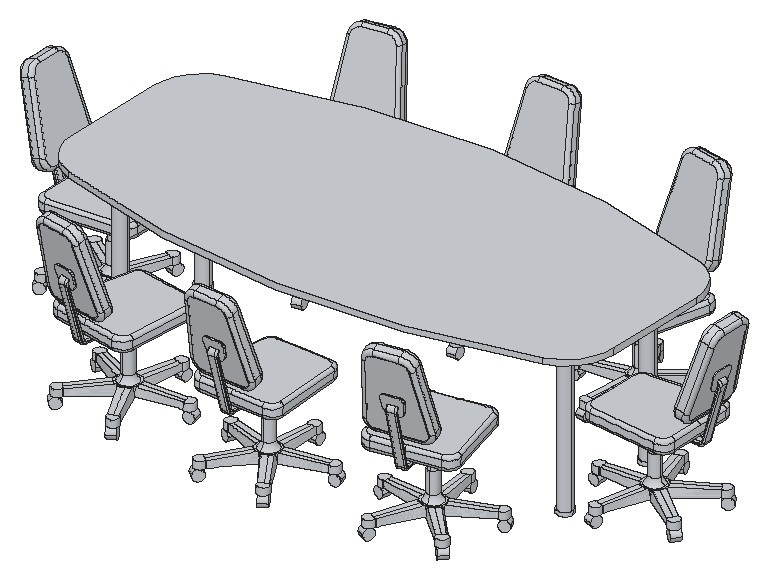
Revit family
Parameters (values of type "2400 x 1200")
  Tavolo = none
  Struttura Sedie = none
  Sedie = none
  Model = "Riunioni"
  Manufacturer = "Revit"
  Piedi = none
  Description = "Tavolo"
  Centro = none
  Assembly Code = ""
Reference planes
  plane 1: z = 0
  plane 2 "Center (Left/Right)": x = 0
  plane 3: y = -188.822
  plane 4: x = -984.721
  plane 5: x = 984.721
  plane 6: y = 39.653
  plane 7: y = -417.297
Forms (mm)
  Extrusion 1, solid, material <- "Tavolo"
    sketch origin (0, 0, 0) x (1, 0, 0) y (0, 1, 0)
      loop
        arc (1051.36, 244.359) -> (0, 411.178) -> (-1051.36, 244.359) r 3396.449
        arc (-1051.36, 244.359) -> (-1158.921, 166.143) -> (-1200, 39.653) r 215.279
        line (-1200, 39.653) -> (-1200, -417.297)
        arc (-1200, -417.297) -> (-1158.921, -543.786) -> (-1051.36, -622.002) r 215.279
        arc (-1051.36, -622.002) -> (0, -788.822) -> (1051.36, -622.002) r 3396.449
        arc (1051.36, -622.002) -> (1158.921, -543.786) -> (1200, -417.297) r 215.279
        line (1200, -417.297) -> (1200, 39.653)
        arc (1200, 39.653) -> (1158.921, 166.143) -> (1051.36, 244.359) r 215.279
    from 700 to 725
Lines and regions (mm)
  symbolic lines
    curve 1: arc (1051.36, 244.359, 0) -> (0, 411.178, 0) -> (-1051.36, 244.359, 0) r 3396.449
    curve 2: arc (-1051.36, 244.359, 0) -> (-1158.921, 166.143, 0) -> (-1200, 39.653, 0) r 215.279
    curve 3: line (-1200, 39.653, 0) -> (-1200, -417.297, 0)
    curve 4: arc (-1200, -417.297, 0) -> (-1158.921, -543.786, 0) -> (-1051.36, -622.002, 0) r 215.279
    curve 5: arc (-1051.36, -622.002, 0) -> (0, -788.822, 0) -> (1051.36, -622.002, 0) r 3396.449
    curve 6: arc (1051.36, -622.002, 0) -> (1158.921, -543.786, 0) -> (1200, -417.297, 0) r 215.279
    curve 7: line (1200, -417.297, 0) -> (1200, 39.653, 0)
    curve 8: arc (1200, 39.653, 0) -> (1158.921, 166.143, 0) -> (1051.36, 244.359, 0) r 215.279
    curve 9: line (0, -128.822, 0) -> (0, -248.822, 0)
    curve 10: line (-60, -188.822, 0) -> (60, -188.822, 0)
    curve 11: line (-891.526, 498.518, 0) -> (-842.048, 305.143, 0)
    curve 12: arc (-891.526, 498.518, 0) -> (-883.147, 535.858, 0) -> (-850.819, 556.336, 0) r 50
    curve 13: arc (-853.324, 580.123, 0) -> (-873.769, 568.273, 0) -> (-875.209, 544.685, 0) r 25
    curve 14: line (-877.244, 551.576, 0) -> (-889.006, 562.993, 0)
    curve 15: line (-861.438, 591.395, 0) -> (-889.006, 562.993, 0)
    curve 16: line (-861.438, 591.395, 0) -> (-854.033, 584.207, 0)
    curve 17: arc (-851.108, 567.364, 0) -> (-846.007, 556.526, 0) -> (-836.087, 549.81, 0) r 22.626
    curve 18: line (-854.92, 589.318, 0) -> (-851.108, 567.364, 0)
    curve 19: arc (-854.562, 607.11, 0) -> (-855.691, 598.233, 0) -> (-854.92, 589.318, 0) r 42.137
    curve 20: line (-835.302, 688.299, 0) -> (-854.562, 607.11, 0)
    curve 21: arc (-827.93, 698.769, 0) -> (-832.624, 694.244, 0) -> (-835.302, 688.299, 0) r 17.238
    curve 22: arc (-790.893, 713.321, 0) -> (-810.151, 707.926, 0) -> (-827.93, 698.769, 0) r 98.962
    curve 23: line (-734.851, 723.054, 0) -> (-790.893, 713.321, 0)
    curve 24: line (-734.851, 723.054, 0) -> (-678.809, 732.786, 0)
    curve 25: arc (-678.809, 732.786, 0) -> (-658.86, 734.2, 0) -> (-639.034, 731.574, 0) r 98.962
    curve 26: arc (-639.034, 731.574, 0) -> (-633.089, 728.896, 0) -> (-628.564, 724.202, 0) r 17.238
    curve 27: line (-628.564, 724.202, 0) -> (-583.058, 654.261, 0)
    curve 28: arc (-583.058, 654.261, 0) -> (-579.002, 646.285, 0) -> (-576.721, 637.631, 0) r 42.137
    curve 29: line (-576.721, 637.631, 0) -> (-572.909, 615.678, 0)
    curve 30: arc (-572.909, 615.678, 0) -> (-574.057, 603.754, 0) -> (-581.132, 594.087, 0) r 22.626
    curve 31: arc (-581.132, 594.087, 0) -> (-593.826, 586.372, 0) -> (-608.034, 582.035, 0) r 59.606
    curve 32: line (-608.034, 582.035, 0) -> (-707.365, 564.784, 0)
    curve 33: line (-806.696, 547.534, 0) -> (-707.365, 564.784, 0)
    curve 34: arc (-836.087, 549.81, 0) -> (-821.535, 546.827, 0) -> (-806.696, 547.534, 0) r 59.606
    curve 35: arc (-542.572, 602.453, 0) -> (-551.88, 624.174, 0) -> (-575.125, 628.437, 0) r 25
    curve 36: line (-535.756, 624.341, 0) -> (-571.286, 641.784, 0)
    curve 37: line (-575.834, 632.521, 0) -> (-571.286, 641.784, 0)
    curve 38: line (-535.756, 624.341, 0) -> (-542.98, 609.626, 0)
    curve 39: arc (-511.645, 564.491, 0) -> (-532.123, 596.819, 0) -> (-569.462, 605.198, 0) r 50
    curve 40: line (-511.645, 564.491, 0) -> (-495.545, 374.834, 0)
    curve 41: line (-196.596, 595.751, 0) -> (-175.115, 406.661, 0)
    curve 42: arc (-196.596, 595.751, 0) -> (-182.869, 631.473, 0) -> (-147.904, 647.026, 0) r 50
    curve 43: arc (-173.731, 639.05, 0) -> (-168.873, 662.177, 0) -> (-146.919, 670.925, 0) r 25
    curve 44: line (-184.716, 659.172, 0) -> (-174.741, 646.164, 0)
    curve 45: line (-184.716, 659.172, 0) -> (-153.306, 683.257, 0)
    curve 46: line (-147.026, 675.068, 0) -> (-153.306, 683.257, 0)
    curve 47: line (-105.534, 631.894, 0) -> (-4.749, 634.5, 0)
    curve 48: arc (-134.279, 638.425, 0) -> (-120.317, 633.355, 0) -> (-105.534, 631.894, 0) r 59.606
    curve 49: arc (-146.585, 657.979, 0) -> (-143.116, 646.513, 0) -> (-134.279, 638.425, 0) r 22.626
    curve 50: line (-147.161, 680.254, 0) -> (-146.585, 657.979, 0)
    curve 51: arc (-144.216, 697.804, 0) -> (-146.625, 689.186, 0) -> (-147.161, 680.254, 0) r 42.137
    curve 52: line (-113.341, 775.324, 0) -> (-144.216, 697.804, 0)
    curve 53: arc (-104.524, 784.609, 0) -> (-109.826, 780.816, 0) -> (-113.341, 775.324, 0) r 17.238
    curve 54: arc (-65.762, 793.615, 0) -> (-85.6, 791.08, 0) -> (-104.524, 784.609, 0) r 98.962
    curve 55: line (-8.901, 795.085, 0) -> (-65.762, 793.615, 0)
    curve 56: line (-8.901, 795.085, 0) -> (47.961, 796.555, 0)
    curve 57: arc (47.961, 796.555, 0) -> (67.904, 795.049, 0) -> (87.136, 789.564, 0) r 98.962
    curve 58: arc (87.136, 789.564, 0) -> (92.628, 786.05, 0) -> (96.421, 780.747, 0) r 17.238
    curve 59: line (96.421, 780.747, 0) -> (131.26, 704.926, 0)
    curve 60: arc (131.26, 704.926, 0) -> (134.112, 696.444, 0) -> (135.108, 687.551, 0) r 42.137
    curve 61: line (135.108, 687.551, 0) -> (135.684, 665.277, 0)
    curve 62: arc (135.684, 665.277, 0) -> (132.812, 653.647, 0) -> (124.406, 645.113, 0) r 22.626
    curve 63: arc (124.406, 645.113, 0) -> (110.723, 639.328, 0) -> (96.036, 637.105, 0) r 59.606
    curve 64: line (96.036, 637.105, 0) -> (-4.749, 634.5, 0)
    curve 65: arc (188.843, 605.715, 0) -> (173.29, 640.68, 0) -> (137.568, 654.407, 0) r 50
    curve 66: line (132.57, 654.277, 0) -> (137.568, 654.407, 0)
    curve 67: arc (135.349, 678.222, 0) -> (157.725, 670.62, 0) -> (163.772, 647.775, 0) r 25
    curve 68: line (141.09, 690.868, 0) -> (135.242, 682.365, 0)
    curve 69: line (141.09, 690.868, 0) -> (173.703, 668.438, 0)
    curve 70: line (164.413, 654.932, 0) -> (173.703, 668.438, 0)
    curve 71: line (188.843, 605.715, 0) -> (178.367, 406.492, 0)
    curve 72: line (-196.596, -973.394, 0) -> (-175.115, -784.304, 0)
    curve 73: arc (-196.596, -973.394, 0) -> (-182.869, -1009.116, 0) -> (-147.904, -1024.67, 0) r 50
    curve 74: arc (-173.731, -1016.693, 0) -> (-168.873, -1039.82, 0) -> (-146.919, -1048.568, 0) r 25
    curve 75: line (-184.716, -1036.816, 0) -> (-174.741, -1023.807, 0)
    curve 76: line (-184.716, -1036.816, 0) -> (-153.306, -1060.9, 0)
    curve 77: line (-147.026, -1052.711, 0) -> (-153.306, -1060.9, 0)
    curve 78: line (-105.534, -1009.538, 0) -> (-4.749, -1012.143, 0)
    curve 79: arc (-134.279, -1016.069, 0) -> (-120.317, -1010.998, 0) -> (-105.534, -1009.538, 0) r 59.606
    curve 80: arc (-146.585, -1035.623, 0) -> (-143.116, -1024.156, 0) -> (-134.279, -1016.069, 0) r 22.626
    curve 81: line (-147.161, -1057.897, 0) -> (-146.585, -1035.623, 0)
    curve 82: arc (-144.216, -1075.447, 0) -> (-146.625, -1066.829, 0) -> (-147.161, -1057.897, 0) r 42.137
    curve 83: line (-113.341, -1152.967, 0) -> (-144.216, -1075.447, 0)
    curve 84: arc (-104.524, -1162.252, 0) -> (-109.826, -1158.459, 0) -> (-113.341, -1152.967, 0) r 17.238
    curve 85: arc (-65.762, -1171.258, 0) -> (-85.6, -1168.724, 0) -> (-104.524, -1162.252, 0) r 98.962
    curve 86: line (-8.901, -1172.728, 0) -> (-65.762, -1171.258, 0)
    curve 87: line (-8.901, -1172.728, 0) -> (47.961, -1174.198, 0)
    curve 88: arc (47.961, -1174.198, 0) -> (67.904, -1172.692, 0) -> (87.136, -1167.207, 0) r 98.962
    curve 89: arc (87.136, -1167.207, 0) -> (92.628, -1163.693, 0) -> (96.421, -1158.39, 0) r 17.238
    curve 90: line (96.421, -1158.39, 0) -> (131.26, -1082.569, 0)
    curve 91: arc (131.26, -1082.569, 0) -> (134.112, -1074.087, 0) -> (135.108, -1065.194, 0) r 42.137
    curve 92: line (135.108, -1065.194, 0) -> (135.684, -1042.92, 0)
    curve 93: arc (135.684, -1042.92, 0) -> (132.812, -1031.29, 0) -> (124.406, -1022.756, 0) r 22.626
    curve 94: arc (124.406, -1022.756, 0) -> (110.723, -1016.971, 0) -> (96.036, -1014.749, 0) r 59.606
    curve 95: line (96.036, -1014.749, 0) -> (-4.749, -1012.143, 0)
    curve 96: arc (188.843, -983.359, 0) -> (173.29, -1018.324, 0) -> (137.568, -1032.05, 0) r 50
    curve 97: line (132.57, -1031.921, 0) -> (137.568, -1032.05, 0)
    curve 98: arc (135.349, -1055.865, 0) -> (157.725, -1048.264, 0) -> (163.772, -1025.419, 0) r 25
    curve 99: line (141.09, -1068.511, 0) -> (135.242, -1060.009, 0)
    curve 100: line (141.09, -1068.511, 0) -> (173.703, -1046.082, 0)
    curve 101: line (164.413, -1032.575, 0) -> (173.703, -1046.082, 0)
    curve 102: line (188.843, -983.359, 0) -> (178.367, -784.135, 0)
    curve 103: line (1386.891, -389.772, 0) -> (1197.801, -368.292, 0)
    curve 104: arc (1386.891, -389.772, 0) -> (1422.613, -376.046, 0) -> (1438.166, -341.081, 0) r 50
    curve 105: arc (1430.19, -366.907, 0) -> (1453.317, -362.049, 0) -> (1462.064, -340.096, 0) r 25
    curve 106: line (1450.312, -377.892, 0) -> (1437.303, -367.917, 0)
    curve 107: line (1450.312, -377.892, 0) -> (1474.397, -346.482, 0)
    curve 108: line (1466.208, -340.203, 0) -> (1474.397, -346.482, 0)
    curve 109: line (1423.034, -298.71, 0) -> (1425.64, -197.925, 0)
    curve 110: arc (1429.565, -327.456, 0) -> (1424.495, -313.493, 0) -> (1423.034, -298.71, 0) r 59.606
    curve 111: arc (1449.119, -339.761, 0) -> (1437.653, -336.292, 0) -> (1429.565, -327.456, 0) r 22.626
    curve 112: line (1471.393, -340.337, 0) -> (1449.119, -339.761, 0)
    curve 113: arc (1488.944, -337.392, 0) -> (1480.326, -339.801, 0) -> (1471.393, -340.337, 0) r 42.137
    curve 114: line (1566.464, -306.517, 0) -> (1488.944, -337.392, 0)
    curve 115: arc (1575.749, -297.7, 0) -> (1571.955, -303.003, 0) -> (1566.464, -306.517, 0) r 17.238
    curve 116: arc (1584.754, -258.939, 0) -> (1582.22, -278.777, 0) -> (1575.749, -297.7, 0) r 98.962
    curve 117: line (1586.224, -202.077, 0) -> (1584.754, -258.939, 0)
    curve 118: line (1586.224, -202.077, 0) -> (1587.695, -145.215, 0)
    curve 119: arc (1587.695, -145.215, 0) -> (1586.189, -125.273, 0) -> (1580.704, -106.04, 0) r 98.962
    curve 120: arc (1580.704, -106.04, 0) -> (1577.189, -100.549, 0) -> (1571.887, -96.755, 0) r 17.238
    curve 121: line (1571.887, -96.755, 0) -> (1496.066, -61.916, 0)
    curve 122: arc (1496.066, -61.916, 0) -> (1487.584, -59.064, 0) -> (1478.691, -58.068, 0) r 42.137
    curve 123: line (1478.691, -58.068, 0) -> (1456.416, -57.492, 0)
    curve 124: arc (1456.416, -57.492, 0) -> (1444.787, -60.364, 0) -> (1436.253, -68.771, 0) r 22.626
    curve 125: arc (1436.253, -68.771, 0) -> (1430.467, -82.453, 0) -> (1428.245, -97.141, 0) r 59.606
    curve 126: line (1428.245, -97.141, 0) -> (1425.64, -197.925, 0)
    curve 127: arc (1396.855, -4.333, 0) -> (1431.82, -19.886, 0) -> (1445.546, -55.608, 0) r 50
    curve 128: line (1445.417, -60.607, 0) -> (1445.546, -55.608, 0)
    curve 129: arc (1469.362, -57.827, 0) -> (1461.76, -35.451, 0) -> (1438.915, -29.404, 0) r 25
    curve 130: line (1482.008, -52.086, 0) -> (1473.505, -57.934, 0)
    curve 131: line (1482.008, -52.086, 0) -> (1459.578, -19.474, 0)
    curve 132: line (1446.071, -28.763, 0) -> (1459.578, -19.474, 0)
    curve 133: line (1396.855, -4.333, 0) -> (1197.631, -14.81, 0)
    curve 134: line (-1386.891, -389.772, 0) -> (-1197.801, -368.292, 0)
    curve 135: arc (-1386.891, -389.772, 0) -> (-1422.613, -376.046, 0) -> (-1438.166, -341.081, 0) r 50
    curve 136: arc (-1430.19, -366.907, 0) -> (-1453.317, -362.049, 0) -> (-1462.064, -340.096, 0) r 25
    curve 137: line (-1450.312, -377.892, 0) -> (-1437.303, -367.917, 0)
    curve 138: line (-1450.312, -377.892, 0) -> (-1474.397, -346.482, 0)
    curve 139: line (-1466.208, -340.203, 0) -> (-1474.397, -346.482, 0)
    curve 140: line (-1423.034, -298.71, 0) -> (-1425.64, -197.925, 0)
    curve 141: arc (-1429.565, -327.456, 0) -> (-1424.495, -313.493, 0) -> (-1423.034, -298.71, 0) r 59.606
    curve 142: arc (-1449.119, -339.761, 0) -> (-1437.653, -336.292, 0) -> (-1429.565, -327.456, 0) r 22.626
    curve 143: line (-1471.393, -340.337, 0) -> (-1449.119, -339.761, 0)
    curve 144: arc (-1488.944, -337.392, 0) -> (-1480.326, -339.801, 0) -> (-1471.393, -340.337, 0) r 42.137
    curve 145: line (-1566.464, -306.517, 0) -> (-1488.944, -337.392, 0)
    curve 146: arc (-1575.749, -297.7, 0) -> (-1571.955, -303.003, 0) -> (-1566.464, -306.517, 0) r 17.238
    curve 147: arc (-1584.754, -258.939, 0) -> (-1582.22, -278.777, 0) -> (-1575.749, -297.7, 0) r 98.962
    curve 148: line (-1586.224, -202.077, 0) -> (-1584.754, -258.939, 0)
    curve 149: line (-1586.224, -202.077, 0) -> (-1587.695, -145.215, 0)
    curve 150: arc (-1587.695, -145.215, 0) -> (-1586.189, -125.273, 0) -> (-1580.704, -106.04, 0) r 98.962
    curve 151: arc (-1580.704, -106.04, 0) -> (-1577.189, -100.549, 0) -> (-1571.887, -96.755, 0) r 17.238
    curve 152: line (-1571.887, -96.755, 0) -> (-1496.066, -61.916, 0)
    curve 153: arc (-1496.066, -61.916, 0) -> (-1487.584, -59.064, 0) -> (-1478.691, -58.068, 0) r 42.137
    curve 154: line (-1478.691, -58.068, 0) -> (-1456.416, -57.492, 0)
    curve 155: arc (-1456.416, -57.492, 0) -> (-1444.787, -60.364, 0) -> (-1436.253, -68.771, 0) r 22.626
    curve 156: arc (-1436.253, -68.771, 0) -> (-1430.467, -82.453, 0) -> (-1428.245, -97.141, 0) r 59.606
    curve 157: line (-1428.245, -97.141, 0) -> (-1425.64, -197.925, 0)
    curve 158: arc (-1396.855, -4.333, 0) -> (-1431.82, -19.886, 0) -> (-1445.546, -55.608, 0) r 50
    curve 159: line (-1445.417, -60.607, 0) -> (-1445.546, -55.608, 0)
    curve 160: arc (-1469.362, -57.827, 0) -> (-1461.76, -35.451, 0) -> (-1438.915, -29.404, 0) r 25
    curve 161: line (-1482.008, -52.086, 0) -> (-1473.505, -57.934, 0)
    curve 162: line (-1482.008, -52.086, 0) -> (-1459.578, -19.474, 0)
    curve 163: line (-1446.071, -28.763, 0) -> (-1459.578, -19.474, 0)
    curve 164: line (-1396.855, -4.333, 0) -> (-1197.631, -14.81, 0)
    curve 165: line (891.526, 498.518, 0) -> (842.048, 305.143, 0)
    curve 166: arc (891.526, 498.518, 0) -> (883.147, 535.858, 0) -> (850.819, 556.336, 0) r 50
    curve 167: arc (853.324, 580.123, 0) -> (873.769, 568.273, 0) -> (875.209, 544.685, 0) r 25
    curve 168: line (877.244, 551.576, 0) -> (889.006, 562.993, 0)
    curve 169: line (861.438, 591.395, 0) -> (889.006, 562.993, 0)
    curve 170: line (861.438, 591.395, 0) -> (854.033, 584.207, 0)
    curve 171: arc (851.108, 567.364, 0) -> (846.007, 556.526, 0) -> (836.087, 549.81, 0) r 22.626
    curve 172: line (854.92, 589.318, 0) -> (851.108, 567.364, 0)
    curve 173: arc (854.562, 607.11, 0) -> (855.691, 598.233, 0) -> (854.92, 589.318, 0) r 42.137
    curve 174: line (835.302, 688.299, 0) -> (854.562, 607.11, 0)
    curve 175: arc (827.93, 698.769, 0) -> (832.624, 694.244, 0) -> (835.302, 688.299, 0) r 17.238
    curve 176: arc (790.893, 713.321, 0) -> (810.151, 707.926, 0) -> (827.93, 698.769, 0) r 98.962
    curve 177: line (734.851, 723.054, 0) -> (790.893, 713.321, 0)
    curve 178: line (734.851, 723.054, 0) -> (678.809, 732.786, 0)
    curve 179: arc (678.809, 732.786, 0) -> (658.86, 734.2, 0) -> (639.034, 731.574, 0) r 98.962
    curve 180: arc (639.034, 731.574, 0) -> (633.089, 728.896, 0) -> (628.564, 724.202, 0) r 17.238
    curve 181: line (628.564, 724.202, 0) -> (583.058, 654.261, 0)
    curve 182: arc (583.058, 654.261, 0) -> (579.002, 646.285, 0) -> (576.721, 637.631, 0) r 42.137
    curve 183: line (576.721, 637.631, 0) -> (572.909, 615.678, 0)
    curve 184: arc (572.909, 615.678, 0) -> (574.057, 603.754, 0) -> (581.132, 594.087, 0) r 22.626
    curve 185: arc (581.132, 594.087, 0) -> (593.826, 586.372, 0) -> (608.034, 582.035, 0) r 59.606
    curve 186: line (608.034, 582.035, 0) -> (707.365, 564.784, 0)
    curve 187: line (806.696, 547.534, 0) -> (707.365, 564.784, 0)
    curve 188: arc (836.087, 549.81, 0) -> (821.535, 546.827, 0) -> (806.696, 547.534, 0) r 59.606
    curve 189: arc (542.572, 602.453, 0) -> (551.88, 624.174, 0) -> (575.125, 628.437, 0) r 25
    curve 190: line (535.756, 624.341, 0) -> (571.286, 641.784, 0)
    curve 191: line (575.834, 632.521, 0) -> (571.286, 641.784, 0)
    curve 192: line (535.756, 624.341, 0) -> (542.98, 609.626, 0)
    curve 193: arc (511.645, 564.491, 0) -> (532.123, 596.819, 0) -> (569.462, 605.198, 0) r 50
    curve 194: line (511.645, 564.491, 0) -> (495.545, 374.834, 0)
    curve 195: line (-891.526, -876.162, 0) -> (-842.048, -682.786, 0)
    curve 196: arc (-891.526, -876.162, 0) -> (-883.147, -913.501, 0) -> (-850.819, -933.979, 0) r 50
    curve 197: arc (-853.324, -957.766, 0) -> (-873.769, -945.916, 0) -> (-875.209, -922.328, 0) r 25
    curve 198: line (-877.244, -929.219, 0) -> (-889.006, -940.637, 0)
    curve 199: line (-861.438, -969.038, 0) -> (-889.006, -940.637, 0)
    curve 200: line (-861.438, -969.038, 0) -> (-854.033, -961.85, 0)
    curve 201: arc (-851.108, -945.008, 0) -> (-846.007, -934.169, 0) -> (-836.087, -927.454, 0) r 22.626
    curve 202: line (-854.92, -966.961, 0) -> (-851.108, -945.008, 0)
    curve 203: arc (-854.562, -984.753, 0) -> (-855.691, -975.876, 0) -> (-854.92, -966.961, 0) r 42.137
    curve 204: line (-835.302, -1065.942, 0) -> (-854.562, -984.753, 0)
    curve 205: arc (-827.93, -1076.412, 0) -> (-832.624, -1071.887, 0) -> (-835.302, -1065.942, 0) r 17.238
    curve 206: arc (-790.893, -1090.965, 0) -> (-810.151, -1085.569, 0) -> (-827.93, -1076.412, 0) r 98.962
    curve 207: line (-734.851, -1100.697, 0) -> (-790.893, -1090.965, 0)
    curve 208: line (-734.851, -1100.697, 0) -> (-678.809, -1110.43, 0)
    curve 209: arc (-678.809, -1110.43, 0) -> (-658.86, -1111.843, 0) -> (-639.034, -1109.217, 0) r 98.962
    curve 210: arc (-639.034, -1109.217, 0) -> (-633.089, -1106.539, 0) -> (-628.564, -1101.845, 0) r 17.238
    curve 211: line (-628.564, -1101.845, 0) -> (-583.058, -1031.904, 0)
    curve 212: arc (-583.058, -1031.904, 0) -> (-579.002, -1023.928, 0) -> (-576.721, -1015.275, 0) r 42.137
    curve 213: line (-576.721, -1015.275, 0) -> (-572.909, -993.321, 0)
    curve 214: arc (-572.909, -993.321, 0) -> (-574.057, -981.397, 0) -> (-581.132, -971.731, 0) r 22.626
    curve 215: arc (-581.132, -971.731, 0) -> (-593.826, -964.015, 0) -> (-608.034, -959.678, 0) r 59.606
    curve 216: line (-608.034, -959.678, 0) -> (-707.365, -942.428, 0)
    curve 217: line (-806.696, -925.177, 0) -> (-707.365, -942.428, 0)
    curve 218: arc (-836.087, -927.454, 0) -> (-821.535, -924.47, 0) -> (-806.696, -925.177, 0) r 59.606
    curve 219: arc (-542.572, -980.096, 0) -> (-551.88, -1001.817, 0) -> (-575.125, -1006.08, 0) r 25
    curve 220: line (-535.756, -1001.984, 0) -> (-571.286, -1019.427, 0)
    curve 221: line (-575.834, -1010.164, 0) -> (-571.286, -1019.427, 0)
    curve 222: line (-535.756, -1001.984, 0) -> (-542.98, -987.269, 0)
    curve 223: arc (-511.645, -942.134, 0) -> (-532.123, -974.462, 0) -> (-569.462, -982.841, 0) r 50
    curve 224: line (-511.645, -942.134, 0) -> (-495.545, -752.477, 0)
    curve 225: line (891.526, -876.162, 0) -> (842.048, -682.786, 0)
    curve 226: arc (891.526, -876.162, 0) -> (883.147, -913.501, 0) -> (850.819, -933.979, 0) r 50
    curve 227: arc (853.324, -957.766, 0) -> (873.769, -945.916, 0) -> (875.209, -922.328, 0) r 25
    curve 228: line (877.244, -929.219, 0) -> (889.006, -940.637, 0)
    curve 229: line (861.438, -969.038, 0) -> (889.006, -940.637, 0)
    curve 230: line (861.438, -969.038, 0) -> (854.033, -961.85, 0)
    curve 231: arc (851.108, -945.008, 0) -> (846.007, -934.169, 0) -> (836.087, -927.454, 0) r 22.626
    curve 232: line (854.92, -966.961, 0) -> (851.108, -945.008, 0)
    curve 233: arc (854.562, -984.753, 0) -> (855.691, -975.876, 0) -> (854.92, -966.961, 0) r 42.137
    curve 234: line (835.302, -1065.942, 0) -> (854.562, -984.753, 0)
    curve 235: arc (827.93, -1076.412, 0) -> (832.624, -1071.887, 0) -> (835.302, -1065.942, 0) r 17.238
    curve 236: arc (790.893, -1090.965, 0) -> (810.151, -1085.569, 0) -> (827.93, -1076.412, 0) r 98.962
    curve 237: line (734.851, -1100.697, 0) -> (790.893, -1090.965, 0)
    curve 238: line (734.851, -1100.697, 0) -> (678.809, -1110.43, 0)
    curve 239: arc (678.809, -1110.43, 0) -> (658.86, -1111.843, 0) -> (639.034, -1109.217, 0) r 98.962
    curve 240: arc (639.034, -1109.217, 0) -> (633.089, -1106.539, 0) -> (628.564, -1101.845, 0) r 17.238
    curve 241: line (628.564, -1101.845, 0) -> (583.058, -1031.904, 0)
    curve 242: arc (583.058, -1031.904, 0) -> (579.002, -1023.928, 0) -> (576.721, -1015.275, 0) r 42.137
    curve 243: line (576.721, -1015.275, 0) -> (572.909, -993.321, 0)
    curve 244: arc (572.909, -993.321, 0) -> (574.057, -981.397, 0) -> (581.132, -971.731, 0) r 22.626
    curve 245: arc (581.132, -971.731, 0) -> (593.826, -964.015, 0) -> (608.034, -959.678, 0) r 59.606
    curve 246: line (608.034, -959.678, 0) -> (707.365, -942.428, 0)
    curve 247: line (806.696, -925.177, 0) -> (707.365, -942.428, 0)
    curve 248: arc (836.087, -927.454, 0) -> (821.535, -924.47, 0) -> (806.696, -925.177, 0) r 59.606
    curve 249: arc (542.572, -980.096, 0) -> (551.88, -1001.817, 0) -> (575.125, -1006.08, 0) r 25
    curve 250: line (535.756, -1001.984, 0) -> (571.286, -1019.427, 0)
    curve 251: line (575.834, -1010.164, 0) -> (571.286, -1019.427, 0)
    curve 252: line (535.756, -1001.984, 0) -> (542.98, -987.269, 0)
    curve 253: arc (511.645, -942.134, 0) -> (532.123, -974.462, 0) -> (569.462, -982.841, 0) r 50
    curve 254: line (511.645, -942.134, 0) -> (495.545, -752.477, 0)
Dimensions and locks
  aligned and locked: Extrusion 1 to nested 1
Nested families
  nested 1: "Leg" at (-984.721, -417.297, 0), type "Height 700mm"
  nested 2: "Leg" at (-984.721, 39.653, 0), type "Height 700mm"
  nested 3: "Leg" at (984.721, -417.297, 0) x (-1, 0, 0) z (0, 0, 1), type "Height 700mm"
  nested 4: "Leg" at (984.721, 39.653, 0) x (-1, 0, 0) z (0, 0, 1), type "Height 700mm"
  nested 5: "M_Sedia con Rotelle" at (0, 450.803, 0) x (-0.9997, -0.0258, 0) z (0, 0, 1), type "400 x 500mm"
  nested 6: "M_Sedia con Rotelle" at (0, -828.447, 0) x (-0.9997, 0.0258, 0) z (0, 0, 1), type "400 x 500mm"
  nested 7: "M_Sedia con Rotelle" at (-675.923, 383.737, 0) x (0.9853, 0.1711, 0) z (0, 0, 1), type "400 x 500mm"
  nested 8: "M_Sedia con Rotelle" at (-1200, -188.822, 0) x (0, -1, 0) z (0, 0, 1), type "400 x 500mm"
  nested 9: "M_Sedia con Rotelle" at (1200, -188.822, 0) x (0, -1, 0) z (0, 0, 1), type "400 x 500mm"
  nested 10: "M_Sedia con Rotelle" at (675.923, 383.737, 0) x (-0.9853, 0.1711, 0) z (0, 0, 1), type "400 x 500mm"
  nested 11: "M_Sedia con Rotelle" at (-675.923, -761.38, 0) x (0.9853, -0.1711, 0) z (0, 0, 1), type "400 x 500mm"
  nested 12: "M_Sedia con Rotelle" at (675.923, -761.38, 0) x (-0.9853, -0.1711, 0) z (0, 0, 1), type "400 x 500mm"
Definition of nested family "Leg"
  Parameters (values of type "Height 700mm")
    Model = "Abacus"
    Manufacturer = "LM"
    Leg Material = none
    Description = "Table Leg"
    Assembly Code = "E2020200"
  Reference planes
    plane 1 "Center (Front/Back)": y = 0
    plane 2: z = 0
    plane 3 "Center (Left/Right)": x = 0
  Forms (mm)
    Revolve 1, solid, material <- "Leg Material"
      sketch origin (0, 0, 0) x (1, 0, 0) y (0, 0, 1)
        loop
          line (0, 15) -> (0, 700) -> (-43, 700) -> (-33, 650) -> (-30, 650) -> (-30, 15) -> (0, 15)
        axis (0, 15) -> (0, 700)
      angle from 0 to 360
    Extrusion 2, solid, material <- "Leg Material"
      sketch origin (0, 0, 0) x (1, 0, 0) y (0, 1, 0)
        loop
          circle (0, 0) r 35
      from 0 to 15
  Dimensions and locks
    aligned and locked: plane 3 "Center (Left/Right)" to Revolve 1 sketch curve
    aligned and locked: Revolve 1 to Extrusion 2
Definition of nested family "M_Sedia con Rotelle"
  Parameters (values of type "400 x 500mm")
    Struttura = none
    Seduta = Default
    Manufacturer = "Revit"
    Assembly Code = "E2020200"
  Reference planes
    plane 1 "Center (Front/Back)": y = 0
    plane 2: z = 0
    plane 3 "Center (Left/Right)": x = 0
    plane 4: z = 440
    plane 5: z = 340
    plane 6: z = 900
    plane 7: z = 90.965
    plane 8: z = 215.482
    plane 9: y = 45
    plane 10: y = 229.751
    plane 11: y = 233.825
    plane 12: through (-42.798, 13.906, 0) normal (0.9511, -0.309, 0)
    plane 13: through (-218.507, 70.997, 0) normal (0.9511, -0.309, 0)
    plane 14: through (-222.38, 72.256, -9.035) normal (0.9511, -0.309, 0)
    plane 15: through (-26.45, -36.406, 0) normal (0.5878, 0.809, 0)
    plane 16: through (-135.044, -185.873, 0) normal (0.5878, 0.809, 0)
    plane 17: through (-137.439, -189.168, -9.035) normal (0.5878, 0.809, 0)
    plane 18: through (26.45, -36.406, 0) normal (-0.5878, 0.809, 0)
    plane 19: through (135.044, -185.873, 0) normal (-0.5878, 0.809, 0)
    plane 20: through (137.439, -189.168, -9.035) normal (-0.5878, 0.809, 0)
    plane 21: through (42.798, 13.906, 0) normal (-0.9511, -0.309, 0)
    plane 22: through (218.507, 70.997, 0) normal (-0.9511, -0.309, 0)
    plane 23: through (222.38, 72.256, -9.035) normal (-0.9511, -0.309, 0)
    plane 24: x = -206.705
    plane 25 "t": through (-100.914, 0, -28.937) normal (0.9613, 0, 0.2756)
    plane 26: through (-266.368, 0, 928.937) normal (0.2756, 0, -0.9613)
    plane 27: through (-134.465, 0, 468.937) normal (0.2756, 0, -0.9613)
  Forms (mm)
    Extrusion 1, solid, material <- "Struttura"
      sketch origin (0, -234.191, 0) x (0, 1, 0) y (0, 0, 1)
        loop
          circle (488.942, 23) r 23
      from -19.791 to 19.791
    Blend 2, solid, material <- "Struttura"
      base sketch origin (0, 100, -9.035) x (1, 0, 0) y (0, 0, -1)
        loop
          line (-32.382, -59.019) -> (-25.156, -100) -> (0, -100) -> (25.156, -100) -> (32.382, -59.019) -> (0, -59.019) -> (-32.382, -59.019)
      top sketch origin (0, 100, -9.035) x (1, 0, 0) y (0, 0, -1)
        loop
          line (-19.791, -59.019) -> (-19.791, -88.563) -> (0, -88.563) -> (19.791, -88.563) -> (19.791, -59.019) -> (0, -59.019) -> (-19.791, -59.019)
      from -65 to 129.751
    Extrusion 3, solid, material <- "Struttura"
      sketch origin (0, 0, 330.965) x (0, -1, 0) y (-1, 0, 0)
        loop
          line (-50, 19.35) -> (-50, -19.35)
          arc (-50, -19.35) -> (-41.259, -29.976) -> (-33.854, -41.573) r 114.698
          line (-33.854, -41.573) -> (2.952, -53.532)
          arc (2.952, -53.532) -> (15.76, -48.503) -> (29.077, -45.044) r 114.698
          line (29.077, -45.044) -> (51.824, -13.735)
          arc (51.824, -13.735) -> (50.999, 0) -> (51.824, 13.735) r 114.698
          line (51.824, 13.735) -> (29.077, 45.044)
          arc (29.077, 45.044) -> (15.76, 48.503) -> (2.952, 53.532) r 114.698
          line (2.952, 53.532) -> (-33.854, 41.573)
          arc (-33.854, 41.573) -> (-41.259, 29.976) -> (-50, 19.35) r 114.698
      from 240 to 280.981
    Extrusion 4, solid, material <- "Struttura"
      sketch origin (0, -235.927, 330.965) x (0, -1, 0) y (-1, 0, 0)
        loop
          arc (-469.751, 21.788) -> (-507.01, 0) -> (-469.751, -21.788) r 25
          line (-469.751, -21.788) -> (-469.751, -19.791) -> (-465.678, -19.791) -> (-465.678, 19.791) -> (-469.751, 19.791) -> (-469.751, 21.788)
      from 251.437 to 280.981
    Revolve 5, solid, material <- "Struttura"
      sketch origin (0, 0, 0) x (0, 1, 0) y (0, 0, 1)
        loop
          line (0, 215.482) -> (-25, 215.482) -> (-25, 123.395)
          arc (-25, 123.395) -> (-30.374, 105.761) -> (-41.37, 90.965) r 53.967
          line (-41.37, 90.965) -> (0, 90.965) -> (0, 215.482)
        axis (0, 215.482) -> (0, 90.965)
      angle from 0 to 360
    Extrusion 6, solid, material <- "Struttura"
      sketch origin (222.729, -72.369, 0) x (-0.951057, 0.309017, 0) y (0, 0, 1)
        loop
          circle (488.942, 23) r 23
      from -19.791 to 19.791
    Blend 7, solid, material <- "Struttura"
      base sketch origin (-95.106, 30.902, -9.035) x (0.309017, 0.951057, 0) y (0, 0, -1)
        loop
          line (-32.382, -59.019) -> (-25.156, -100) -> (0, -100) -> (25.156, -100) -> (32.382, -59.019) -> (0, -59.019) -> (-32.382, -59.019)
      top sketch origin (-95.106, 30.902, -9.035) x (0.309017, 0.951057, 0) y (0, 0, -1)
        loop
          line (-19.791, -59.019) -> (-19.791, -88.563) -> (0, -88.563) -> (19.791, -88.563) -> (19.791, -59.019) -> (0, -59.019) -> (-19.791, -59.019)
      from -65 to 129.751
    Extrusion 8, solid, material <- "Struttura"
      sketch origin (224.38, -72.905, 330.965) x (0.951057, -0.309017, 0) y (-0.309017, -0.951057, 0)
        loop
          arc (-469.751, 21.788) -> (-507.01, 0) -> (-469.751, -21.788) r 25
          line (-469.751, -21.788) -> (-469.751, -19.791) -> (-465.678, -19.791) -> (-465.678, 19.791) -> (-469.751, 19.791) -> (-469.751, 21.788)
      from 251.437 to 280.981
    Extrusion 9, solid, material <- "Struttura"
      sketch origin (137.654, 189.465, 0) x (-0.587785, -0.809017, 0) y (0, 0, 1)
        loop
          circle (488.942, 23) r 23
      from -19.791 to 19.791
    Blend 10, solid, material <- "Struttura"
      base sketch origin (-58.779, -80.902, -9.035) x (-0.809017, 0.587785, 0) y (0, 0, -1)
        loop
          line (-32.382, -59.019) -> (-25.156, -100) -> (0, -100) -> (25.156, -100) -> (32.382, -59.019) -> (0, -59.019) -> (-32.382, -59.019)
      top sketch origin (-58.779, -80.902, -9.035) x (-0.809017, 0.587785, 0) y (0, 0, -1)
        loop
          line (-19.791, -59.019) -> (-19.791, -88.563) -> (0, -88.563) -> (19.791, -88.563) -> (19.791, -59.019) -> (0, -59.019) -> (-19.791, -59.019)
      from -65 to 129.751
    Extrusion 11, solid, material <- "Struttura"
      sketch origin (138.674, 190.869, 330.965) x (0.587785, 0.809017, 0) y (0.809017, -0.587785, 0)
        loop
          arc (-469.751, 21.788) -> (-507.01, 0) -> (-469.751, -21.788) r 25
          line (-469.751, -21.788) -> (-469.751, -19.791) -> (-465.678, -19.791) -> (-465.678, 19.791) -> (-469.751, 19.791) -> (-469.751, 21.788)
      from 251.437 to 280.981
    Extrusion 12, solid, material <- "Struttura"
      sketch origin (-137.654, 189.465, 0) x (0.587785, -0.809017, 0) y (0, 0, 1)
        loop
          circle (488.942, 23) r 23
      from -19.791 to 19.791
    Blend 13, solid, material <- "Struttura"
      base sketch origin (58.779, -80.902, -9.035) x (-0.809017, -0.587785, 0) y (0, 0, -1)
        loop
          line (-32.382, -59.019) -> (-25.156, -100) -> (0, -100) -> (25.156, -100) -> (32.382, -59.019) -> (0, -59.019) -> (-32.382, -59.019)
      top sketch origin (58.779, -80.902, -9.035) x (-0.809017, -0.587785, 0) y (0, 0, -1)
        loop
          line (-19.791, -59.019) -> (-19.791, -88.563) -> (0, -88.563) -> (19.791, -88.563) -> (19.791, -59.019) -> (0, -59.019) -> (-19.791, -59.019)
      from -65 to 129.751
    Extrusion 14, solid, material <- "Struttura"
      sketch origin (-138.674, 190.869, 330.965) x (-0.587785, 0.809017, 0) y (0.809017, 0.587785, 0)
        loop
          arc (-469.751, 21.788) -> (-507.01, 0) -> (-469.751, -21.788) r 25
          line (-469.751, -21.788) -> (-469.751, -19.791) -> (-465.678, -19.791) -> (-465.678, 19.791) -> (-469.751, 19.791) -> (-469.751, 21.788)
      from 251.437 to 280.981
    Extrusion 15, solid, material <- "Struttura"
      sketch origin (-222.729, -72.369, 0) x (0.951057, 0.309017, 0) y (0, 0, 1)
        loop
          circle (488.942, 23) r 23
      from -19.791 to 19.791
    Blend 16, solid, material <- "Struttura"
      base sketch origin (95.106, 30.902, -9.035) x (0.309017, -0.951057, 0) y (0, 0, -1)
        loop
          line (-32.382, -59.019) -> (-25.156, -100) -> (0, -100) -> (25.156, -100) -> (32.382, -59.019) -> (0, -59.019) -> (-32.382, -59.019)
      top sketch origin (95.106, 30.902, -9.035) x (0.309017, -0.951057, 0) y (0, 0, -1)
        loop
          line (-19.791, -59.019) -> (-19.791, -88.563) -> (0, -88.563) -> (19.791, -88.563) -> (19.791, -59.019) -> (0, -59.019) -> (-19.791, -59.019)
      from -65 to 129.751
    Extrusion 17, solid, material <- "Struttura"
      sketch origin (-224.38, -72.905, 330.965) x (-0.951057, -0.309017, 0) y (-0.309017, 0.951057, 0)
        loop
          arc (-469.751, 21.788) -> (-507.01, 0) -> (-469.751, -21.788) r 25
          line (-469.751, -21.788) -> (-469.751, -19.791) -> (-465.678, -19.791) -> (-465.678, 19.791) -> (-469.751, 19.791) -> (-469.751, 21.788)
      from 251.437 to 280.981
    Revolve 18, solid
      sketch origin (0, 0, 0) x (0, 1, 0) y (0, 0, 1)
        loop
          line (-20, 215.482) -> (0, 215.482) -> (0, 340) -> (-40, 340) -> (-139.897, 340) -> (-139.897, 320.648) -> (-30.5, 309.15)
          arc (-30.5, 309.15) -> (-22.928, 304.1) -> (-20, 295.482) r 14.145
          line (-20, 295.482) -> (-20, 215.482)
        axis (0, 340) -> (0, 215.482)
      angle from 0 to 360
    Extrusion 19, solid, material "Default" <- "Seduta"
      sketch origin (0, -1080, 400) x (1, 0, 0) y (0, -1, 0)
        loop
          line (-172.774, -929.258) -> (-146.232, -1232.635)
          arc (-146.232, -1232.635) -> (-136.614, -1252.139) -> (-116.346, -1260.02) r 30
          line (-116.346, -1260.02) -> (0, -1260.02) -> (116.346, -1260.02)
          arc (116.346, -1260.02) -> (136.614, -1252.139) -> (146.232, -1232.635) r 30
          line (146.232, -1232.635) -> (172.774, -929.258)
          arc (172.774, -929.258) -> (163.726, -908.539) -> (142.784, -900.02) r 30
          line (142.784, -900.02) -> (0, -900.02) -> (-142.784, -900.02)
          arc (-142.784, -900.02) -> (-163.726, -908.539) -> (-172.774, -929.258) r 30
      from 0 to 60
    Sweep 20, solid, material "Default" <- "Seduta"
      path origin (0, -1080, 400) x (1, 0, 0) y (0, 1, 0)
        loop
          arc (-192.784, 930.02) -> (-178.139, 894.665) -> (-142.784, 880.02) r 50
          line (-142.784, 880.02) -> (0, 880.02) -> (142.784, 880.02)
          arc (142.784, 880.02) -> (178.139, 894.665) -> (192.784, 930.02) r 50
          line (192.784, 930.02) -> (166.156, 1234.378)
          arc (166.156, 1234.378) -> (150.126, 1266.884) -> (116.346, 1280.02) r 50
          line (116.346, 1280.02) -> (0, 1280.02) -> (-116.346, 1280.02)
          arc (-116.346, 1280.02) -> (-150.126, 1266.884) -> (-166.156, 1234.378) r 50
          line (-166.156, 1234.378) -> (-192.784, 930.02)
      profile origin (0, 0, 0) x (0, -1, 0) y (0, 0, 1)
        loop
          line (179.98, 400) -> (179.98, 340) -> (184.98, 340)
          arc (184.98, 340) -> (195.586, 344.393) -> (199.98, 355) r 15
          line (199.98, 355) -> (199.98, 385)
          arc (199.98, 385) -> (195.586, 395.607) -> (184.98, 400) r 15
          line (184.98, 400) -> (179.98, 400)
    Extrusion 21, solid, material "Default" <- "Seduta"
      sketch origin (0, -100.914, -28.937) x (0, -0.275637, 0.961262) y (1, 0, 0)
        loop
          line (845.789, 85.104) -> (556.146, 124.108)
          arc (556.146, 124.108) -> (528.563, 115.879) -> (516.477, 89.754) r 35
          line (516.477, 89.754) -> (514.811, -85.632)
          arc (514.811, -85.632) -> (526.398, -111.982) -> (553.82, -120.734) r 35
          line (553.82, -120.734) -> (844.151, -87.241)
          arc (844.151, -87.241) -> (866.158, -75.883) -> (875.139, -52.804) r 35
          line (875.139, -52.804) -> (876.116, 50.085)
          arc (876.116, 50.085) -> (867.576, 73.33) -> (845.789, 85.104) r 35
      from 0 to 60
    Sweep 22, solid, material "Default" <- "Seduta"
      path origin (0, -100.914, -28.937) x (0, -0.275637, 0.961262) y (1, 0, 0)
        loop
          line (875.139, -52.804) -> (876.116, 50.085)
          arc (876.116, 50.085) -> (867.576, 73.33) -> (845.789, 85.104) r 35
          line (845.789, 85.104) -> (556.146, 124.108)
          arc (556.146, 124.108) -> (528.563, 115.879) -> (516.477, 89.754) r 35
          line (516.477, 89.754) -> (514.811, -85.632)
          arc (514.811, -85.632) -> (526.398, -111.982) -> (553.82, -120.734) r 35
          line (553.82, -120.734) -> (844.151, -87.241)
          arc (844.151, -87.241) -> (866.158, -75.883) -> (875.139, -52.804) r 35
      profile origin (6.959, -0.018, 0.064) x (0.009501, 0.275625, -0.961218) y (0, 0.961262, 0.275637)
        loop
          line (-875.601, -44.981) -> (-880.601, -44.981)
          arc (-880.601, -44.981) -> (-891.208, -49.374) -> (-895.601, -59.981) r 15
          line (-895.601, -59.981) -> (-895.601, -89.981)
          arc (-895.601, -89.981) -> (-889.876, -101.769) -> (-877.071, -104.559) r 15
          line (-877.071, -104.559) -> (-875.601, -104.981) -> (-875.601, -44.981)
    Sweep 23, solid
      path origin (0, 0, 0) x (0, 1, 0) y (0, 0, 1)
        loop
          line (-139.897, 320.648) -> (-215.17, 320.648)
          arc (-215.17, 320.648) -> (-227.206, 324.675) -> (-234.395, 335.135) r 20
          line (-234.395, 335.135) -> (-306.161, 585.411)
          arc (-306.161, 585.411) -> (-304.458, 600.566) -> (-292.567, 610.114) r 20
      profile origin (0, -177.534, 0) x (0, 0, -1) y (1, 0, 0)
        loop
          arc (-335.19, -15) -> (-333.726, -18.536) -> (-330.19, -20) r 5
          line (-330.19, -20) -> (-325.648, -20)
          arc (-325.648, -20) -> (-322.112, -18.536) -> (-320.648, -15) r 5
          line (-320.648, -15) -> (-320.648, 15)
          arc (-320.648, 15) -> (-322.112, 18.536) -> (-325.648, 20) r 5
          line (-325.648, 20) -> (-330.19, 20)
          arc (-330.19, 20) -> (-333.726, 18.536) -> (-335.19, 15) r 5
          line (-335.19, 15) -> (-335.19, -15)
    Extrusion 24, solid
      sketch origin (50.085, -342.404, 813.241) x (-0.999955, 0.002619, -0.009133) y (0.009501, 0.275625, -0.961218)
        loop
          line (52.207, 258.61) -> (36.235, 258.659)
          arc (36.235, 258.659) -> (19.65, 252.433) -> (11.354, 236.782) r 25
          line (11.354, 236.782) -> (5.614, 191.19)
          arc (5.614, 191.19) -> (10.438, 175.485) -> (25.396, 168.691) r 20
          line (25.396, 168.691) -> (52.068, 168.61) -> (78.741, 168.61)
          arc (78.741, 168.61) -> (93.72, 175.357) -> (98.592, 191.047) r 20
          line (98.592, 191.047) -> (92.992, 236.656)
          arc (92.992, 236.656) -> (84.744, 252.333) -> (68.178, 258.61) r 25
          line (68.178, 258.61) -> (52.207, 258.61)
      from 0 to 8.083
  Cuts and joins
    joined: Blend 2, Extrusion 3, Extrusion 4, Revolve 5, Blend 7, Extrusion 8, Blend 10, Extrusion 11, Blend 13, Extrusion 14, Blend 16, Extrusion 17
    joined: Extrusion 19, Sweep 20
    joined: Extrusion 21, Sweep 22
    joined: Revolve 18, Sweep 23
  Lines and regions (mm)
    symbolic lines
      curve 1: arc (-21.788, 233.825, 0) -> (0, 271.083, 0) -> (21.788, 233.825, 0) r 25
      curve 2: line (-19.791, 277.751, 0) -> (-19.791, 261.359, 0)
      curve 3: line (19.791, 261.359, 0) -> (19.791, 277.751, 0)
      curve 4: line (-20.61, 200.02, 0) -> (-19.791, 229.751, 0)
      curve 5: line (20.61, 200.02, 0) -> (19.791, 229.751, 0)
      curve 6: line (-19.791, 277.751, 0) -> (19.791, 277.751, 0)
      curve 7: line (-21.788, 233.825, 0) -> (-19.791, 233.825, 0)
      curve 8: line (19.791, 233.825, 0) -> (21.788, 233.825, 0)
      curve 9: line (-19.791, 229.751, 0) -> (-19.791, 233.825, 0)
      curve 10: line (19.791, 229.751, 0) -> (19.791, 233.825, 0)
      curve 11: arc (215.648, 92.978, 0) -> (257.815, 83.769, 0) -> (229.113, 51.534, 0) r 25
      curve 12: line (258.042, 104.652, 0) -> (242.451, 99.586, 0)
      curve 13: line (254.682, 61.942, 0) -> (270.273, 67.008, 0)
      curve 14: line (172.824, 78.158, 0) -> (212.391, 89.819, 0)
      curve 15: line (176.592, 35.093, 0) -> (224.622, 52.175, 0)
      curve 16: line (258.042, 104.652, 0) -> (270.273, 67.008, 0)
      curve 17: line (215.648, 92.978, 0) -> (216.265, 91.078, 0)
      curve 18: line (228.496, 53.434, 0) -> (229.113, 51.534, 0)
      curve 19: line (212.391, 89.819, 0) -> (216.265, 91.078, 0)
      curve 20: line (224.622, 52.175, 0) -> (228.496, 53.434, 0)
      curve 21: arc (168.808, -192.673, 0) -> (163.354, -215.667, 0) -> (141.182, -223.845, 0) r 25
      curve 22: line (179.269, -213.073, 0) -> (169.634, -199.811, 0)
      curve 23: line (141.182, -227.989, 0) -> (147.247, -236.338, 0)
      curve 24: line (179.269, -213.073, 0) -> (147.247, -236.338, 0)
      curve 25: arc (-141.182, -223.845, 0) -> (-163.354, -215.667, 0) -> (-168.808, -192.673, 0) r 25
      curve 26: line (-147.247, -236.338, 0) -> (-141.182, -227.989, 0)
      curve 27: line (-169.634, -199.811, 0) -> (-179.269, -213.073, 0)
      curve 28: line (-147.247, -236.338, 0) -> (-179.269, -213.073, 0)
      curve 29: line (-192.784, -149.98, 0) -> (-166.156, 154.378, 0)
      curve 30: line (-116.346, 200.02, 0) -> (0, 200.02, 0)
      curve 31: arc (-192.784, -149.98, 0) -> (-178.139, -185.335, 0) -> (-142.784, -199.98, 0) r 50
      curve 32: arc (-166.156, 154.378, 0) -> (-150.126, 186.884, 0) -> (-116.346, 200.02, 0) r 50
      curve 33: line (192.784, -149.98, 0) -> (166.156, 154.378, 0)
      curve 34: line (116.346, 200.02, 0) -> (0, 200.02, 0)
      curve 35: arc (192.784, -149.98, 0) -> (178.139, -185.335, 0) -> (142.784, -199.98, 0) r 50
      curve 36: arc (166.156, 154.378, 0) -> (150.126, 186.884, 0) -> (116.346, 200.02, 0) r 50
      curve 37: line (-137.784, -199.98, 0) -> (-142.784, -199.98, 0)
      curve 38: line (141.22, -199.98, 0) -> (142.784, -199.98, 0)
      curve 39: line (0, -344.396, 0) -> (-56.881, -344.396, 0)
      curve 40: arc (-56.881, -344.396, 0) -> (-76.778, -342.375, 0) -> (-95.862, -336.395, 0) r 98.962
      curve 41: arc (-95.862, -336.395, 0) -> (-101.261, -332.74, 0) -> (-104.916, -327.341, 0) r 17.238
      curve 42: line (-104.916, -327.341, 0) -> (-137.784, -250.645, 0)
      curve 43: arc (-137.784, -250.645, 0) -> (-140.415, -242.092, 0) -> (-141.182, -233.177, 0) r 42.137
      curve 44: line (-141.182, -233.177, 0) -> (-141.182, -210.895, 0)
      curve 45: arc (-141.182, -210.895, 0) -> (-138.01, -199.343, 0) -> (-129.386, -191.029, 0) r 22.626
      curve 46: arc (-129.386, -191.029, 0) -> (-115.559, -185.6, 0) -> (-100.818, -183.758, 0) r 59.606
      curve 47: line (-100.818, -183.758, 0) -> (0, -183.758, 0)
      curve 48: line (0, -344.396, 0) -> (56.881, -344.396, 0)
      curve 49: arc (56.881, -344.396, 0) -> (76.778, -342.375, 0) -> (95.862, -336.395, 0) r 98.962
      curve 50: arc (95.862, -336.395, 0) -> (101.261, -332.74, 0) -> (104.916, -327.341, 0) r 17.238
      curve 51: line (104.916, -327.341, 0) -> (137.784, -250.645, 0)
      curve 52: arc (137.784, -250.645, 0) -> (140.415, -242.092, 0) -> (141.182, -233.177, 0) r 42.137
      curve 53: line (141.182, -233.177, 0) -> (141.182, -210.895, 0)
      curve 54: arc (141.182, -210.895, 0) -> (138.01, -199.343, 0) -> (129.386, -191.029, 0) r 22.626
      curve 55: arc (129.386, -191.029, 0) -> (115.559, -185.6, 0) -> (100.818, -183.758, 0) r 59.606
      curve 56: line (100.818, -183.758, 0) -> (0, -183.758, 0)
      curve 57: arc (-215.648, 92.978, 0) -> (-257.815, 83.769, 0) -> (-229.113, 51.534, 0) r 25
      curve 58: line (-258.042, 104.652, 0) -> (-242.451, 99.586, 0)
      curve 59: line (-254.682, 61.942, 0) -> (-270.273, 67.008, 0)
      curve 60: line (-172.824, 78.158, 0) -> (-212.391, 89.819, 0)
      curve 61: line (-176.592, 35.093, 0) -> (-224.622, 52.175, 0)
      curve 62: line (-258.042, 104.652, 0) -> (-270.273, 67.008, 0)
      curve 63: line (-215.648, 92.978, 0) -> (-216.265, 91.078, 0)
      curve 64: line (-228.496, 53.434, 0) -> (-229.113, 51.534, 0)
      curve 65: line (-212.391, 89.819, 0) -> (-216.265, 91.078, 0)
      curve 66: line (-224.622, 52.175, 0) -> (-228.496, 53.434, 0)
  Dimensions and locks
    equal spacing: plane 5, plane 8, plane 7
    aligned and locked: Extrusion 21 sketch curve to Sweep 22  (x8)
